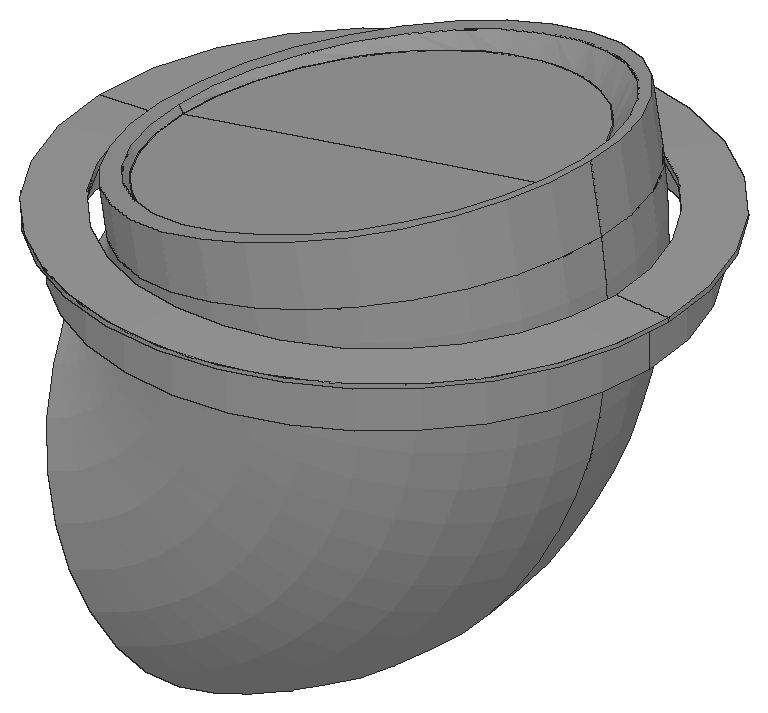
Revit family "0060587 Sylvania Lighting Fixture START Spot Scoop 4500lm 940 MB WHT", category Lighting Fixtures, host Face, Revit 2016
Family settings
  Host = Face
  Part Type = Normal
  Round Connector Dimension = Use Diameter
  OmniClass Number = 23.80.70.00
  OmniClass Title = Lighting
  Cut with Voids When Loaded = No
  Light Source = No
  Shared = No
  Room Calculation Point = No
Parameters (values of type "0060587 START Spot Scoop 4500lm 940 MB WHT")
  Weight = "2.4 kg"
  Wattage Comments = ""
  WarrantyStartDate [instance] = "n/a"
  WarrantyGuarantorParts = "n/a"
  WarrantyDurationUnit = "n/a"
  WarrantyDurationParts = "n/a"
  WarrantyDescription = "n/a"
  Voltage = 230 V
  URL = "http://www.sylvania-lighting.com"
  TypeName = "START Spot Scoop 4500lm 940 MB WHT"
  TypeHeadXL_SYL = START Spot Scoop Head XL : 0060587 START Spot Scoop 4500lm 940 MB WHT
  Type Image = <None>
  Type Comments = "n/a"
  SerialNumber [instance] = "n/a"
  S_SYL = no
  RotationAngle_SYL [instance] = 10.00°
  Rad4_SYL = if(S_SYL, 43 mm, if(M_SYL, 67.7 mm, 90 mm))  # 90 mm
  Rad3_SYL = Rad2_SYL - 4 mm  # 98.5 mm
  Rad2_SYL = if(S_SYL, 57.5 mm, if(M_SYL, 77.5 mm, 102.5 mm))  # 102.5 mm
  Rad1_SYL = if(S_SYL, 63 mm, if(M_SYL, 83.5 mm, 110 mm))  # 110 mm
  PowerFactor = 0
  PowerConsumption = "48.3 W"
  NominalLength = 220 mm
  NominalHeight = 195 mm
  NominalDepth = 220 mm
  Name = "START Spot Scoop 4500lm 940 MB WHT"
  ModelReference = Name  # "START Spot Scoop 4500lm 940 MB WHT"
  ModelNumber = "0060587"
  Model = Name  # "START Spot Scoop 4500lm 940 MB WHT"
  Material = "n/a"
  ManufacturerName = "Feilo Sylvania"
  Manufacturer = "Feilo Sylvania"
  M_SYL = no
  LuminousEfficacy = "93.17 lm/W"
  LuminaireType = ""
  LightOutputRatio = "n/a"
  LampsType = Lamp  # "LED"
  LampNominalLuminous = "4500  lm"
  LampMacAdamStep = "n/a"
  LampColourTemperature = "4000 K"
  LampColourRenderingIndex = "90"
  Lamp = "LED"
  Keynote = "16500"
  InstallationDate [instance] = "n/a"
  InputVoltage = "n/a"
  InputNominalFrequency = "n/a"
  IngressProtection = "IP40"
  ImpactProtectionIndex = "IK03"
  IfcExportType = "IfcLightFixtureType"
  IfcExportAs = "IfcLightFixtureType"
  ExpectedLife = 50000
  EndAngle_SYL [instance] = RotationAngle_SYL + 180.00°  # 190.00°
  ElectricShockClassification = "Class II"
  DurationUnit = "hours"
  DocumentationLiterature = "http://www.sylvania-lighting.com/product/en-int/products/0060587"
  DimmingControlOptions = "Non dimmable"
  Description = "Recessed Adjustable Accent Downlight, integrated LED, die cast aluminium body, Ø205mm cut-out, CCT 4000K, 4500lm, total power consumption 48W, resulting in 94lm/W."
  Default Elevation = 1219.2 mm
  CreatedOn = "12/6/2018"
  CreatedBy = "@sylvania-lighting.com"
  Cost = 0
  built-in parameter 1114216 [instance] = (empty or 0)
  ClassificationValue = "EF_70_80"
  ClassificationName = "Uniclass2015"
  Material_1_SYL = PC/ABS Plastic
  BarCode [instance] = "n/a"
  AssetType = "Fixed"
  AssetIdentifier [instance] = "n/a"
  Assembly Code = "D5020200"
  Apparent Load = 48.3 VA
Reference planes
  plane 1 "Center (Front/Back)": y = 0
  plane 2: z = 0
  plane 3 "Center (Left/Right)": x = 0
  plane 4: z = 1.5
  plane 5: z = 2.5
  plane 6: x = -63
  plane 7: x = -110
  plane 8: x = -90
  plane 9: x = -102.5
  plane 10: z = -16
  plane 11: z = -18.8
  plane 12: z = -100
  plane 13: x = -98.5
Forms (mm)
  Revolve 1, void
    sketch origin (0, 0, 0) x (1, 0, 0) y (0, 0, 1)
      loop
        line (0, 0) -> (-102.5, 0) -> (-102.5, -100) -> (0, -100) -> (0, 0)
      axis (0, 0) -> (0, -100)
    angle from 360 to 0
  Revolve 2, solid, material "PC/ABS Plastic" <- "Material_1_SYL"
    sketch origin (0, 0, 0) x (1, 0, 0) y (0, 0, 1)
      loop
        line (-110, 0) -> (-102.5, 0) -> (-102.5, -18.8) -> (-98.5, -18.8) -> (-98.5, 0) -> (-90, 0) -> (-90, 2.5) -> (-110, 1.5) -> (-110, 0)
      axis (0, 2.5) -> (0, -18.8)
    angle from 360 to 0
  Revolve 3, solid, not visible
    sketch origin (0, 0, 0) x (1, 0, 0) y (0, 1, 0)
      loop
        line (-90, -8.793) -> (-90, 6.207) -> (-95, 6.207) -> (-95, -8.793) -> (-90, -8.793)
      axis (-90, 6.207) -> (-90, -8.793)
    angle from 10 <- "RotationAngle_SYL" to 190 <- "EndAngle_SYL"
Dimensions and locks
  locked: plane 2 to plane 12 at 100
  "Rad1_SYL": plane 3 "Center (Left/Right)" to plane 7
  "Rad2_SYL": plane 3 "Center (Left/Right)" to plane 9
  "Rad3_SYL": plane 3 "Center (Left/Right)" to plane 13
  "Rad4_SYL": plane 3 "Center (Left/Right)" to plane 8
  aligned and locked: plane 2 to host face
  aligned and locked: level to host face
  aligned and locked: Revolve 1 sketch curve to plane 3 "Center (Left/Right)"
  aligned and locked: level to Revolve 1 sketch curve
  aligned and locked: plane 3 "Center (Left/Right)" to Revolve 1 sketch curve
  aligned and locked: Revolve 1 sketch curve to plane 9
  aligned and locked: plane 12 to Revolve 1 sketch curve
  aligned and locked: Revolve 2 sketch curve to plane 3 "Center (Left/Right)"
  aligned and locked: Revolve 2 sketch curve to plane 13
  aligned and locked: Revolve 2 sketch curve to plane 11
  aligned and locked: plane 7 to Revolve 2 sketch curve
  aligned and locked: plane 4 to Revolve 2 sketch curve
  aligned and locked: plane 2 to Revolve 2 sketch curve
  aligned and locked: plane 9 to Revolve 2 sketch curve
  aligned and locked: Revolve 2 sketch curve to plane 8
  aligned and locked: Revolve 3 sketch curve to plane 8  (x2)
  aligned and locked: plane 1 "Center (Front/Back)" to nested 1
Automatic sketch dimensions
  host sketch curve to host sketch curve = 2438.4 mm  (x2)
  plane 12 to Revolve 1 sketch curve = 509.6 mm
  Revolve 1 sketch curve to plane 5 = 2606.558 mm
  Revolve 2 sketch curve to plane 5 = 0 mm  (x2)
  Revolve 2 sketch curve to level = 0 mm
  plane 12 to Revolve 2 sketch curve = 509.6 mm
  Revolve 2 sketch curve to plane 5 = 2606.558 mm
  Revolve 2 sketch curve to plane 8 = 0 mm
  Revolve 3 sketch curve to plane 8 = 5 mm
  plane 1 "Center (Front/Back)" to Revolve 3 sketch curve = 8.793 mm
  Revolve 3 sketch curve to plane 1 "Center (Front/Back)" = 6.207 mm
  Revolve 3 sketch curve to Revolve 3 sketch curve = 2546.148 mm
  Revolve 3 sketch curve to Revolve 3 sketch curve = 2091.202 mm
Nested families
  nested 1: "START Spot Scoop Head XL" at (-1.367, 0, 15.628) x (-0.9848, 0, -0.1736) z (0.1736, 0, -0.9848), type <- "TypeHeadXL_SYL", type "0060587 START Spot Scoop 4500lm 940 MB WHT"
    with built-in parameter 1114216 (empty or 0), Apparent Load 48.3 VA
Connectors
  electrical at (0, 0, 0), driven by "Apparent Load", driven by "PowerFactor", driven by "Voltage"
    settings: index 1, voltage 230 V, apparent load 48.3 VA, apparent load phase1 0 VA, apparent load phase2 0 VA, apparent load phase3 0 VA, power factor 0, load classification "Lighting", number of poles 1, system type 30, power factor state 1, is connector primary yes, connector utility no, sub classification motor no, connector description ""
Definition of nested family "START Spot Scoop Head XL"
  Parameters (values of type "0060587 START Spot Scoop 4500lm 940 MB WHT")
    ThicknessLens_SYL = 1.5 mm  # constant formula
    ThicknessFront_SYL = Radius_SYL / 25  # 3.4 mm
    Radius_SYL = 85 mm
    Wattage Comments = "n/a"
    Wattage = 48 W
    built-in parameter 1150110 = 1 (stored number, unit not read)
    URL = "http://www.sylvania-lighting.com"
    Type Image = (empty or 0)
    Type Comments = "n/a"
    built-in parameter 1114217 = 1 (stored number, unit not read)
    Tilt Angle = -90.00°
    built-in parameter 1150109 = 1 (stored number, unit not read)
    built-in parameter 1150134 = 12
    built-in parameter 1150113 = 1 (stored number, unit not read)
    RadiusLens_SYL = Radius_SYL / (38 / 33)  # 73.816 mm
    RadiusLED_SYL = Radius_SYL / 5  # 17 mm
    RadiusFrontIn_SYL = Radius_SYL - ThicknessFront_SYL  # 81.6 mm
    RadiusBack_SYL = Radius_SYL - 2 mm  # 83 mm
    Photometric Web File = "0060587.ies"
    Overhang_SYL = 15 mm
    Material_3_SYL = none
    Model = "START Spot Scoop 4500lm 940 MB WHT"
    Manufacturer = "Feilo Sylvania"
    built-in parameter 1150105 = 5564.6 (stored number, unit not read)
    Lumens = 4320 lm
    built-in parameter 1150115 = 1 (stored number, unit not read)
    built-in parameter 1150137 = (empty or 0)
    built-in parameter 1150139 = (empty or 0)
    built-in parameter 1150112 = 1 (stored number, unit not read)
    built-in parameter 1150114 = 1 (stored number, unit not read)
    Lamp = "LED"
    Keynote = "16500"
    Material_2_SYL = none
    built-in parameter 1150132 = (empty or 0)
    built-in parameter 1150102 = (empty or 0)
    built-in parameter 1150107 = 4000 (stored number, unit not read)
    built-in parameter 1150138 = (empty or 0)
    built-in parameter 1150106 = 55.646 (stored number, unit not read)
    Emit from Circle Diameter = RadiusLens_SYL * 2  # 147.632 mm
    Emit Shape Visible in Rendering = no
    built-in parameter 1150104 = 8.3613 (stored number, unit not read)
    Dimming Lamp Color Temperature Shift = (empty or 0)
    Description = "Recessed Adjustable Accent Downlight, integrated LED, die cast aluminium body, Ø205mm cut-out, CCT 4000K, 4500lm, total power consumption 48W, resulting in 94lm/W."
    DepthReflector_SYL = Radius_SYL + 20 mm  # 105 mm
    DepthFront_SYL = Overhang_SYL / (11 / 8)  # 10.909 mm
    Default Elevation = 1219.2 mm
    Cost = 0
    Color Filter = 16777215
    built-in parameter 1114216 [instance] = (empty or 0)
    Material_1_SYL = none
    built-in parameter 1114218 = 1 (stored number, unit not read)
    built-in parameter 1150133 = 10 (stored number, unit not read)
    Assembly Code = "D5020200"
    Apparent Load = 48 VA
    Material_4_SYL = none
  Types (2, lengths in mm): name | built-in parameter 1150134 | Photometric Web File | Model | built-in parameter 1150105 | built-in parameter 1150107 | built-in parameter 1150106 | Description
    0060587 START Spot Scoop 4500lm 940 MB WHT | 12 | "0060587.ies" | "START Spot Scoop 4500lm 940 MB WHT" | 5564.6 (stored number, unit not read) | 4000 (stored number, unit not read) | 55.646 (stored number, unit not read) | "Recessed Adjustable Accent Downlight, integrated LED, die cast aluminium body, Ø205mm cut-out, CCT 4000K, 4500lm, total power consumption 48W, resulting in 94lm/W."
    0060586 START Spot Scoop 4200lm 930 MB WHT | (empty or 0) | "0060586.ies" | "START Spot Scoop 4200lm 930 MB WHT" | 5672.7 (stored number, unit not read) | 3000 (stored number, unit not read) | 56.727 (stored number, unit not read) | "Recessed Adjustable Accent Downlight, integrated LED, die cast aluminium body, Ø205mm cut-out, CCT 3000K, 4200lm, total power consumption 48W, resulting in 88lm/W."
  Reference planes
    plane 1 "Center (Front/Back)": y = 0
    plane 2: z = 0
    plane 3 "Center (Left/Right)": x = 0
    plane 4: x = 85
    plane 5: x = -85
    plane 6: z = -15
    plane 7: z = 6.25
    plane 8: z = 90
    plane 9: x = -81.6
    plane 10: x = 81.6
    plane 11: x = 3
    plane 12: z = -4.091
    plane 13: x = -14
    plane 14: z = -2.591
    plane 15: x = -70.816
    plane 16: z = -6.537
    plane 17: y = 85
    plane 18: y = -85
    plane 19: z = 96
    plane 20: x = 17.75
    plane 21: x = 146
  Forms (mm)
    Extrusion 1, solid
      sketch origin (4.2, 0, 0) x (1, 0, 0) y (0, 1, 0)
        loop
          line (-1219.2, 1219.2) -> (-1219.2, -1219.2) -> (1219.2, -1219.2) -> (1219.2, 1219.2) -> (-1219.2, 1219.2)
      from 0 to -68.017
    SweptBlend 2, solid, material <- "Material_1_SYL"
      path origin (0, 0, 0) x (1, 0, 0) y (0, 0, 1)
        loop
          arc (-85, 10) -> (-40.576, 124.692) -> (69.514, 179.535) r 170.265
      profile origin (-85, 0, 10) x (-1, 0, 0) y (0, -1, 0)
        loop
          circle (-85, 0) r 85
      end profile origin (69.514, 0, 179.535) x (-0.092512, 0, 0.995712) y (0, -1, 0)
        loop
          circle (-83, 0) r 83
    Extrusion 3, solid, material <- "Material_1_SYL"
      sketch origin (-85, 0, 10) x (-1, 0, 0) y (0, 1, 0)
        loop
          circle (-85, 0) r 85
      from 0 to 25
    Blend 4, void
      base sketch origin (1223.4, -4572, -15) x (-1, 0, 0) y (0, -1, 0)
        loop
          circle (1223.4, -4572) r 81.6
      top sketch origin (1223.4, -4572, -15) x (-1, 0, 0) y (0, -1, 0)
        loop
          circle (1220.4, -4572) r 73.816
      from 0 to 10.909
    Revolve 5, void
      sketch origin (0, 0, 0) x (1, 0, 0) y (0, 0, 1)
        loop
          line (-70.816, -2.591) -> (-70.816, -4.091) -> (3, -4.091) -> (3, 90) -> (-14, 90)
          arc (-14, 90) -> (-55.479, 51.726) -> (-70.816, -2.591) r 103.854
        axis (3, 90) -> (3, -4.091)
      angle from 360 to 0
    Revolve 6, solid, material <- "Material_2_SYL"
      sketch origin (0, 0, 0) x (1, 0, 0) y (0, 0, 1)
        loop
          line (3, -2.591) -> (-70.816, -2.591) -> (-70.816, -4.091) -> (3, -4.091) -> (3, -2.591)
        axis (3, -2.591) -> (3, -4.091)
      angle from 360 to 0
    Extrusion 7, void
      sketch origin (0, 0, 0) x (1, 0, 0) y (0, 0, 1)
        loop
          line (-85, -15) -> (-85, -25) -> (85, -25) -> (85, -6.537) -> (-85, -15)
      from -85 to 85
  Cuts and joins
    Blend 4, Revolve 5 cuts SweptBlend 2
    Blend 4, Revolve 5, Extrusion 7 cuts Extrusion 3
  Lines and regions (mm)
    reference lines
      curve 1: arc (-85, 0, 10) -> (-40.576, 0, 124.692) -> (69.514, 0, 179.535) r 170.265
      curve 2: circle (0, 0, 10) r 85 normal (0, 0, 1)
      curve 3: circle (77.192, 0, 96.891) r 83 normal (0.9957, 0, 0.0925)
      curve 4: circle (0, 0, -15) r 81.6 normal (0, 0, 1)
      curve 5: circle (3, 0, -4.091) r 73.816 normal (0, 0, 1)
      curve 6: line (-70.816, 0, -2.591) -> (-70.816, 0, -4.091)
      curve 7: arc (-70.816, 0, -2.591) -> (-55.479, 0, 51.726) -> (-14, 0, 90) r 103.854
  Dimensions and locks
    equal spacing: plane 4, plane 3 "Center (Left/Right)", plane 5
    "Overhang_SYL": level to plane 6
    "DepthReflector_SYL": plane 8 to plane 6
    equal spacing: plane 10, plane 3 "Center (Left/Right)", plane 9
    "ThicknessFront_SYL": plane 9 to plane 5
    locked: plane 11 to plane 3 "Center (Left/Right)" at 3
    "DepthFront_SYL": plane 12 to plane 6
    "RadiusLED_SYL": plane 11 to plane 13
    "ThicknessLens_SYL": plane 14 to plane 12
    "Radius_SYL": plane 3 "Center (Left/Right)" to plane 5
    "RadiusBack_SYL": curve 1 to curve 3
    "RadiusLens_SYL": plane 11 to plane 15
    locked: plane 16 to plane 6 at 8.463
    equal spacing: plane 18, plane 1 "Center (Front/Back)", plane 17
    "Radius_SYL": plane 1 "Center (Front/Back)" to plane 17
    locked: plane 19 to plane 8 at 6
    locked: plane 20 to plane 3 "Center (Left/Right)" at 17.75
    locked: plane 21 to plane 3 "Center (Left/Right)" at 146
    "Radius_SYL": radius of curve 2
    "RadiusBack_SYL": radius of curve 3
    "RadiusFrontIn_SYL": radius of curve 4
    "RadiusLens_SYL": radius of curve 5
    aligned and locked: plane 2 to Extrusion 1
    aligned and locked: level to Extrusion 1
    aligned and locked: plane 5 to curve 1
    aligned and locked: plane 11 to curve 5
    aligned and locked: plane 1 "Center (Front/Back)" to curve 5
    aligned and locked: plane 12 to imposter light
    aligned and locked: imposter light to plane 1 "Center (Front/Back)"
    aligned and locked: imposter light to plane 11
    aligned and locked: plane 3 "Center (Left/Right)" to curve 2
    aligned and locked: plane 1 "Center (Front/Back)" to curve 2
    aligned and locked: plane 1 "Center (Front/Back)" to curve 3
    aligned and locked: curve 6 to curve 5
    aligned and locked: curve 6 to plane 15
    aligned and locked: plane 8 to curve 7
    aligned and locked: plane 14 to curve 7
    aligned and locked: SweptBlend 2 sketch curve to curve 1
    aligned and locked: SweptBlend 2 sketch curve to curve 2
    aligned and locked: SweptBlend 2 sketch curve to curve 3
    aligned and locked: Extrusion 3 sketch curve to curve 2
    aligned and locked: plane 6 to Extrusion 3
    aligned and locked: Extrusion 3 to curve 1
    aligned and locked: Blend 4 sketch curve to curve 4
    aligned and locked: Blend 4 sketch curve to curve 5
    aligned and locked: Revolve 5 sketch curve to plane 11
    aligned and locked: Revolve 5 sketch curve to curve 7
    aligned and locked: Revolve 5 sketch curve to curve 5  (x2)
    aligned and locked: Revolve 5 sketch curve to plane 8
    aligned and locked: Revolve 6 sketch curve to plane 11
    aligned and locked: Revolve 6 sketch curve to plane 14
    aligned and locked: Revolve 6 sketch curve to curve 5
    aligned and locked: Revolve 6 sketch curve to curve 6
    aligned and locked: plane 16 to Extrusion 7 sketch curve
    aligned and locked: Extrusion 7 sketch curve to plane 4
    aligned and locked: Extrusion 7 sketch curve to cut or joined group of Extrusion 3, Blend 4, Revolve 5, Extrusion 7
    aligned and locked: plane 4 to Extrusion 7 sketch curve
    aligned and locked: Extrusion 7 to plane 17
    aligned and locked: plane 18 to Extrusion 7
  Automatic sketch dimensions
    Extrusion 1 sketch curve to Extrusion 1 sketch curve = 2438.4 mm  (x2)
    plane 1 "Center (Front/Back)" to curve 4 = 0 mm
    curve 4 to plane 3 "Center (Left/Right)" = 0 mm
    SweptBlend 2 sketch curve to plane 10 = 12.086 mm
    curve 7 to plane 13 = 0 mm
    plane 4 to curve 1 = 0.265 mm
    curve 1 to plane 7 = 3.75 mm
    curve 1 to plane 10 = 12.086 mm
    plane 6 to Revolve 5 sketch curve = 594.6 mm
    Revolve 5 sketch curve to Revolve 5 sketch curve = 2539.058 mm
    Revolve 6 sketch curve to plane 11 = 0 mm
    plane 6 to Revolve 6 sketch curve = 594.6 mm
    Revolve 6 sketch curve to plane 8 = 2539.058 mm
    Extrusion 7 sketch curve to plane 6 = 0 mm
    plane 6 to Extrusion 7 sketch curve = 10 mm
    plane 1 "Center (Front/Back)" to curve 3 = 0 mm
